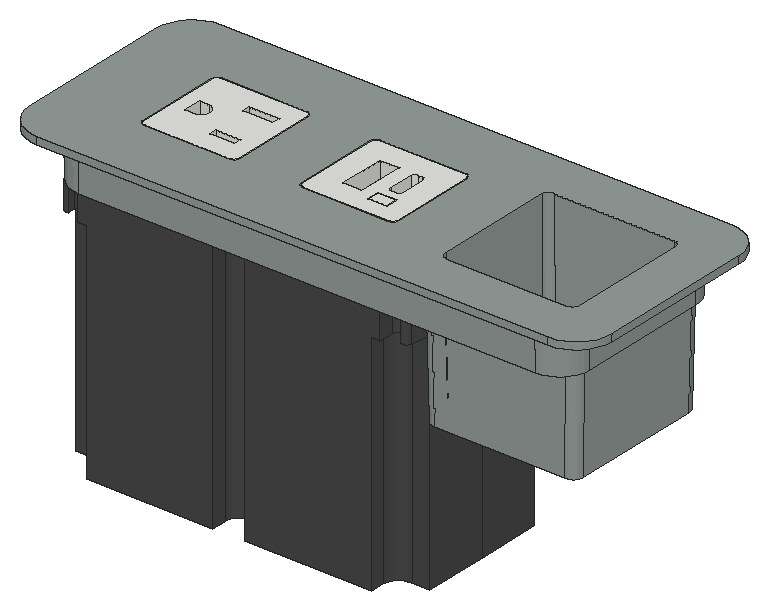
Revit family "Electrical-Teknion-MXPFP_Flush_Power_Module-R2023", category Furniture, Revit 2023
Family settings
  OmniClass Number = 23.40.20.00
  OmniClass Title = General Furniture and Specialties
  Work Plane-Based = No
  Enable Cutting in Views = No
  Always vertical = Yes
  Cut with Voids When Loaded = No
  Render Appearance Source = Family Geometry
  Shared = Yes
  Room Calculation Point = No
Parameters (values of type "Rectangular With Pass Through Faceplate")
  Width [instance] = if([AH - Dual], 4.724", 6.496")  # 6.496"
  Warranty = "http://www.teknion.com/ca/papers/legal-canada"
  Unit Weight URL = "http://www.teknion.com/ca/tools/assets#&asset=bee6a381-b954-425e-8283-5a2de3a804f2,f828d448-4b62-4231-9e5f-9a8991c0ed77"
  URL = "www.teknion.com"
  Triple - 3 - USB (65W) [instance] = [AZ - 2 Power/ 1 USB - A+C (65W)]  # no
  Triple - 3 - USB (18W) [instance] = [BA - 2 Power/ 1 USB -  A+C (18W)]  # no
  Triple - 3 - Power [instance] = [BJ - 3 Power]  # no
  Triple - 2 - USB (65W) [instance] = and([T - Rectangular With Pass Through], [AJ - 1 Power/ 1 USB - A+C (65W)])  # yes
  Triple - 2 - USB (18W) [instance] = and([T - Rectangular With Pass Through], [AM - 1 Power/ 1 USB - A+C (18W)])  # no
  Triple - 2 - Power [instance] = or([AZ - 2 Power/ 1 USB - A+C (65W)], [BA - 2 Power/ 1 USB -  A+C (18W)], [BJ - 3 Power], (and([T - Rectangular With Pass Through], [AS - 2 Power])))  # no
  Triple - 1 - Power [instance] = or([AZ - 2 Power/ 1 USB - A+C (65W)], [BA - 2 Power/ 1 USB -  A+C (18W)], [BJ - 3 Power], (and([T - Rectangular With Pass Through], [AJ - 1 Power/ 1 USB - A+C (65W)])), (and([T - Rectangular With Pass Through], [AM - 1 Power/ 1 USB - A+C (18W)])), (and([T - Rectangular With Pass Through], [AS - 2 Power])))  # yes
  To render please download texture images found here [instance] = "https://assets.teknion.com/web/5e81352c1dfdb467/revit-material-swatches/"
  T - Rectangular With Pass Through = yes
  Sustainability Data = "https://www.teknion.com/ca/tools/assets#&topic=216f99a5-57a0-44fc-b10a-9dee9b29ae4c&asset=444deb64-fe58-4b68-981e-f75e97781df7,b4ff2d81-9f2e-437d-9659-7cffb09c31cf"
  Series = "Expansion Meeting"  # constant formula
  Receptacle Finish [instance] = Plastic - Teknion - 8D - Atrium White
  R - Rectangular = no
  Product Page URL = "http://www.teknion.com/pricing/Expansion-meeting/pdfs/MXPFP_ppg.pdf"
  Product Line = "Electrical/Accesoriesl"  # constant formula
  Product Documentation Link = "http://www.teknion.com/pricing/Expansion-meeting/pdfs/MXPFP_ppg.pdf"
  Part Number = "MXPFP"  # constant formula
  Model = "MXPFP_TAJ__"
  Manufacturer Phone = "416-661-3370"  # constant formula
  Manufacturer Fax = "416.661.4586"  # constant formula
  Manufacturer Contact Information = "http://www.teknion.com/ca/contactus"
  Manufacturer Address = "1150 Flint Road, Toronto, ON. M3J 2J5. Canada"  # constant formula
  Manufacturer = "Teknion"  # constant formula
  MR - T + AJ [instance] = and([T - Rectangular With Pass Through], [AJ - Triple])  # yes
  MR - R + AJ [instance] = and([R - Rectangular], [AJ - Triple])  # no
  MR - R + AH [instance] = and([R - Rectangular], [AH - Dual])  # no
  MR - C + AH [instance] = and([C - Circular], [AH - Dual])  # no
  How To Use Teknion Materials User Guide [instance] = "https://assets.teknion.com/m/205dd0a49fa58060/original/How-to-add-a-Material-Library-and-Texture-Images-to-your-Revit-project.pdf"
  For Additional Finishes please visit [instance] = "https://assets.teknion.com/m/44a8009b046e5d47/original/Teknion_Materials_Library.zip"
  Faceplate Style = ""
  Faceplate Finish [instance] = Paint - Teknion - Accent - Blue Sage
  Faceplate - R + AJ [instance] = and([R - Rectangular], [AJ - Triple])  # no
  Faceplate - R + AH [instance] = and([R - Rectangular], [AH - Dual])  # no
  Electrical Cut Out [instance] = if([C - Circular], "Only dual cut out available for circular faceplate.", if([T - Rectangular With Pass Through], "Only triple cut out available for rectangular with pass through faceplate.", "Select one option for electrical cut out."))  # "Only triple cut out available for rectangular with pass through faceplate."
  Dual - 2 - USB (65W) [instance] = and([AH - Dual], [AJ - 1 Power/ 1 USB - A+C (65W)])  # no
  Dual - 2 - USB (18W) [instance] = and([AH - Dual], [AM - 1 Power/ 1 USB - A+C (18W)])  # no
  Dual - 2 - Power [instance] = and([AH - Dual], [AS - 2 Power])  # no
  Dual - 1 - Power [instance] = and([AH - Dual], (or([AJ - 1 Power/ 1 USB - A+C (65W)], [AM - 1 Power/ 1 USB - A+C (18W)], [AS - 2 Power])))  # no
  Description = "Flush Power Module, Standard Plug-In, Rectangular With Pass Through Faceplate Style, Triple Electrical Cut Out"
  Depth [instance] = if([C - Circular], 4.724", 2.559")  # 2.559"
  Default Elevation = 0.000"
  Configuration [instance] = if([C - Circular], "Select one option only for configuration. Only AJ, AM & AS available for circular faceplate.", if([T - Rectangular With Pass Through], "Select one option only for configuration. Only AJ, AM & AS available for rectangular with pass through faceplate.", "Select one option only for configuration. AJ, AM & AS available for dual electrical cut out. AZ, BA, BJ available for triple electrical cut out."))  # "Select one option only for configuration. Only AJ, AM & AS available for rectangular with pass through faceplate."
  C - Circular = no
  Body 3 - 3R [instance] = and([R - Rectangular], [AJ - Triple])  # no
  Body 2 - T [instance] = and([T - Rectangular With Pass Through], [AJ - Triple])  # yes
  Body 2 - C & 2R [instance] = and((or([C - Circular], [R - Rectangular])), [AH - Dual])  # no
  BJ - 3 Power [instance] = no
  BA - 2 Power/ 1 USB -  A+C (18W) [instance] = no
  Assembly Code = "E2020200"
  AZ - 2 Power/ 1 USB - A+C (65W) [instance] = no
  AS - 2 Power [instance] = no
  AM - 1 Power/ 1 USB - A+C (18W) [instance] = no
  AJ - Triple [instance] = yes
  AJ - 1 Power/ 1 USB - A+C (65W) [instance] = yes
  AH - Dual [instance] = no
  2D - T = [T - Rectangular With Pass Through]  # yes
  2D - R + AJ [instance] = and([R - Rectangular], [AJ - Triple])  # no
  2D - AH [instance] = [AH - Dual]  # no
Reference planes (in)
  plane 1 "Center Front/Back": y = 0
  plane 2: z = 0
  plane 3 "Center Left/Right": x = 0
  plane 4 "Left": x = -2.362
  plane 5 "Right": x = 2.362
  plane 6 "Back": y = 2.362
  plane 7 "Front": y = -2.362
  plane 8 "Top": z = 29.07874
  plane 9: z = 29
  plane 10: z = 25.69291
  plane 11: x = -3.248
  plane 12: x = 3.248
  plane 13: y = 1.2795
  plane 14: y = -1.2795
Forms (in)
  Sweep 1, solid, material "Paint - Teknion - Accent - Blue Sage" <- "Faceplate Finish", visible <- "C - Circular"
    path origin (0, 0, 0) x (1, 0, 0) y (0, 0, 1)
      loop
        line (0, 29.07874) -> (0, 29)
    profile origin (0, 0, 29.03937) x (0, -1, 0) y (1, 0, 0)
      loop
        circle (0, 0) r 2.3622
      loop
        arc (0.47383, -1.42854) -> (0.52254, -1.40836) -> (0.54271, -1.35965) r 0.06889
        line (0.54271, -1.35965) -> (0.54271, -0.412)
        arc (0.54271, -0.412) -> (0.52254, -0.36329) -> (0.47383, -0.34311) r 0.06889
        line (0.47383, -0.34311) -> (-0.47383, -0.34311)
        arc (-0.47383, -0.34311) -> (-0.52254, -0.36329) -> (-0.54271, -0.412) r 0.06889
        line (-0.54271, -0.412) -> (-0.54271, -1.35965)
        arc (-0.54271, -1.35965) -> (-0.52254, -1.40836) -> (-0.47383, -1.42854) r 0.06889
        line (-0.47383, -1.42854) -> (0.47383, -1.42854)
      loop
        line (0.47383, 1.42854) -> (-0.47383, 1.42854)
        arc (-0.47383, 1.42854) -> (-0.52254, 1.40836) -> (-0.54271, 1.35965) r 0.06889
        line (-0.54271, 1.35965) -> (-0.54271, 0.412)
        arc (-0.54271, 0.412) -> (-0.52254, 0.36329) -> (-0.47383, 0.34311) r 0.06889
        line (-0.47383, 0.34311) -> (0.47383, 0.34311)
        arc (0.47383, 0.34311) -> (0.52254, 0.36329) -> (0.54271, 0.412) r 0.06889
        line (0.54271, 0.412) -> (0.54271, 1.35965)
        arc (0.54271, 1.35965) -> (0.52254, 1.40836) -> (0.47383, 1.42854) r 0.06889
  SweptBlend 2, solid, material "Paint - Teknion - Accent - Blue Sage" <- "Faceplate Finish", visible <- "C - Circular"
    path origin (0, 0, 0) x (1, 0, 0) y (0, 0, 1)
      loop
        line (0, 29) -> (0, 28.52756)
    profile origin (0, 0, 29) x (0, -1, 0) y (1, 0, 0)
      loop
        arc (-1.08243, -1.66561) -> (-0.98226, -1.90745) -> (-0.74041, -2.00763) r 0.34202
        line (-0.74041, -2.00763) -> (0.74041, -2.00763)
        arc (0.74041, -2.00763) -> (0.98226, -1.90745) -> (1.08243, -1.66561) r 0.34202
        line (1.08243, -1.66561) -> (1.08243, 1.66561)
        arc (1.08243, 1.66561) -> (0.98226, 1.90745) -> (0.74041, 2.00763) r 0.34202
        line (0.74041, 2.00763) -> (-0.74041, 2.00763)
        arc (-0.74041, 2.00763) -> (-0.98226, 1.90745) -> (-1.08243, 1.66561) r 0.34202
        line (-1.08243, 1.66561) -> (-1.08243, -1.66561)
    end profile origin (0, 0, 28.52756) x (0, -1, 0) y (1, 0, 0)
      loop
        arc (-1.07443, -1.66561) -> (-0.9766, -1.9018) -> (-0.74041, -1.99963) r 0.33402
        line (-0.74041, -1.99963) -> (0.74041, -1.99963)
        arc (0.74041, -1.99963) -> (0.9766, -1.9018) -> (1.07443, -1.66561) r 0.33402
        line (1.07443, -1.66561) -> (1.07443, 1.66561)
        arc (1.07443, 1.66561) -> (0.9766, 1.9018) -> (0.74041, 1.99963) r 0.33402
        line (0.74041, 1.99963) -> (-0.74041, 1.99963)
        arc (-0.74041, 1.99963) -> (-0.9766, 1.9018) -> (-1.07443, 1.66561) r 0.33402
        line (-1.07443, 1.66561) -> (-1.07443, -1.66561)
  SweptBlend 3, void
    path origin (0, 0, 0) x (1, 0, 0) y (0, 0, 1)
      loop
        line (0, 29) -> (0, 28.52756)
    profile origin (0, 0, 29) x (0, -1, 0) y (1, 0, 0)
      loop
        line (-1.00234, -0.1345) -> (-1.00234, -1.67361)
        arc (-1.00234, -1.67361) -> (-0.81111, -1.67127) -> (-0.80172, -1.86228) r 0.1378
        arc (-0.80172, -1.86228) -> (-0.8079, -1.90446) -> (-0.77206, -1.92754) r 0.03936
        line (-0.77206, -1.92754) -> (0.77206, -1.92754)
        arc (0.77206, -1.92754) -> (0.8079, -1.90446) -> (0.80172, -1.86228) r 0.03936
        arc (0.80172, -1.86228) -> (0.81111, -1.67127) -> (1.00234, -1.67361) r 0.1378
        line (1.00234, -1.67361) -> (1.00234, -0.1345)
        arc (1.00234, -0.1345) -> (0.73979, 0) -> (1.00234, 0.1345) r 0.16573
        line (1.00234, 0.1345) -> (1.00234, 1.67361)
        arc (1.00234, 1.67361) -> (0.81111, 1.67127) -> (0.80172, 1.86228) r 0.1378
        arc (0.80172, 1.86228) -> (0.8079, 1.90446) -> (0.77206, 1.92754) r 0.03936
        line (0.77206, 1.92754) -> (-0.77206, 1.92754)
        arc (-0.77206, 1.92754) -> (-0.8079, 1.90446) -> (-0.80172, 1.86228) r 0.03936
        arc (-0.80172, 1.86228) -> (-0.81111, 1.67127) -> (-1.00234, 1.67361) r 0.1378
        line (-1.00234, 1.67361) -> (-1.00234, 0.1345)
        arc (-1.00234, 0.1345) -> (-0.73979, 0) -> (-1.00234, -0.1345) r 0.16573
    end profile origin (0, 0, 28.52756) x (0, -1, 0) y (1, 0, 0)
      loop
        line (-0.9944, -0.14927) -> (-0.9944, -1.65609)
        arc (-0.9944, -1.65609) -> (-0.79927, -1.67181) -> (-0.79569, -1.86755) r 0.1458
        arc (-0.79569, -1.86755) -> (-0.80062, -1.90115) -> (-0.77206, -1.91954) r 0.03136
        line (-0.77206, -1.91954) -> (0.77206, -1.91954)
        arc (0.77206, -1.91954) -> (0.80062, -1.90115) -> (0.79569, -1.86755) r 0.03136
        arc (0.79569, -1.86755) -> (0.79927, -1.67181) -> (0.9944, -1.65609) r 0.1458
        line (0.9944, -1.65609) -> (0.9944, -0.14927)
        arc (0.9944, -0.14927) -> (0.73179, 0) -> (0.9944, 0.14927) r 0.17373
        line (0.9944, 0.14927) -> (0.9944, 1.65609)
        arc (0.9944, 1.65609) -> (0.79927, 1.67181) -> (0.79569, 1.86755) r 0.1458
        arc (0.79569, 1.86755) -> (0.80062, 1.90115) -> (0.77206, 1.91954) r 0.03136
        line (0.77206, 1.91954) -> (-0.77206, 1.91954)
        arc (-0.77206, 1.91954) -> (-0.80062, 1.90115) -> (-0.79569, 1.86755) r 0.03136
        arc (-0.79569, 1.86755) -> (-0.79927, 1.67181) -> (-0.9944, 1.65609) r 0.1458
        line (-0.9944, 1.65609) -> (-0.9944, 0.14927)
        arc (-0.9944, 0.14927) -> (-0.73179, 0) -> (-0.9944, -0.14927) r 0.17373
  SweptBlend 4, solid, material "Paint - Teknion - Accent - Blue Sage" <- "Faceplate Finish", visible <- "Faceplate - R + AH"
    path origin (0, 0, 0) x (1, 0, 0) y (0, 0, 1)
      loop
        line (0, 29) -> (0, 28.52756)
    profile origin (0, 0, 29) x (0, -1, 0) y (1, 0, 0)
      loop
        arc (-1.08243, -1.66561) -> (-0.98226, -1.90745) -> (-0.74041, -2.00763) r 0.34202
        line (-0.74041, -2.00763) -> (0.74041, -2.00763)
        arc (0.74041, -2.00763) -> (0.98226, -1.90745) -> (1.08243, -1.66561) r 0.34202
        line (1.08243, -1.66561) -> (1.08243, 1.66561)
        arc (1.08243, 1.66561) -> (0.98226, 1.90745) -> (0.74041, 2.00763) r 0.34202
        line (0.74041, 2.00763) -> (-0.74041, 2.00763)
        arc (-0.74041, 2.00763) -> (-0.98226, 1.90745) -> (-1.08243, 1.66561) r 0.34202
        line (-1.08243, 1.66561) -> (-1.08243, -1.66561)
    end profile origin (0, 0, 28.52756) x (0, -1, 0) y (1, 0, 0)
      loop
        arc (-1.07443, -1.66561) -> (-0.9766, -1.9018) -> (-0.74041, -1.99963) r 0.33402
        line (-0.74041, -1.99963) -> (0.74041, -1.99963)
        arc (0.74041, -1.99963) -> (0.9766, -1.9018) -> (1.07443, -1.66561) r 0.33402
        line (1.07443, -1.66561) -> (1.07443, 1.66561)
        arc (1.07443, 1.66561) -> (0.9766, 1.9018) -> (0.74041, 1.99963) r 0.33402
        line (0.74041, 1.99963) -> (-0.74041, 1.99963)
        arc (-0.74041, 1.99963) -> (-0.9766, 1.9018) -> (-1.07443, 1.66561) r 0.33402
        line (-1.07443, 1.66561) -> (-1.07443, -1.66561)
  SweptBlend 5, void
    path origin (0, 0, 0) x (1, 0, 0) y (0, 0, 1)
      loop
        line (0, 29) -> (0, 28.52756)
    profile origin (0, 0, 29) x (0, -1, 0) y (1, 0, 0)
      loop
        line (-1.00234, -0.1345) -> (-1.00234, -1.67361)
        arc (-1.00234, -1.67361) -> (-0.81111, -1.67127) -> (-0.80172, -1.86228) r 0.1378
        arc (-0.80172, -1.86228) -> (-0.8079, -1.90446) -> (-0.77206, -1.92754) r 0.03936
        line (-0.77206, -1.92754) -> (0.77206, -1.92754)
        arc (0.77206, -1.92754) -> (0.8079, -1.90446) -> (0.80172, -1.86228) r 0.03936
        arc (0.80172, -1.86228) -> (0.81111, -1.67127) -> (1.00234, -1.67361) r 0.1378
        line (1.00234, -1.67361) -> (1.00234, -0.1345)
        arc (1.00234, -0.1345) -> (0.73979, 0) -> (1.00234, 0.1345) r 0.16573
        line (1.00234, 0.1345) -> (1.00234, 1.67361)
        arc (1.00234, 1.67361) -> (0.81111, 1.67127) -> (0.80172, 1.86228) r 0.1378
        arc (0.80172, 1.86228) -> (0.8079, 1.90446) -> (0.77206, 1.92754) r 0.03936
        line (0.77206, 1.92754) -> (-0.77206, 1.92754)
        arc (-0.77206, 1.92754) -> (-0.8079, 1.90446) -> (-0.80172, 1.86228) r 0.03936
        arc (-0.80172, 1.86228) -> (-0.81111, 1.67127) -> (-1.00234, 1.67361) r 0.1378
        line (-1.00234, 1.67361) -> (-1.00234, 0.1345)
        arc (-1.00234, 0.1345) -> (-0.73979, 0) -> (-1.00234, -0.1345) r 0.16573
    end profile origin (0, 0, 28.52756) x (0, -1, 0) y (1, 0, 0)
      loop
        line (-0.9944, -0.14927) -> (-0.9944, -1.65609)
        arc (-0.9944, -1.65609) -> (-0.79927, -1.67181) -> (-0.79569, -1.86755) r 0.1458
        arc (-0.79569, -1.86755) -> (-0.80062, -1.90115) -> (-0.77206, -1.91954) r 0.03136
        line (-0.77206, -1.91954) -> (0.77206, -1.91954)
        arc (0.77206, -1.91954) -> (0.80062, -1.90115) -> (0.79569, -1.86755) r 0.03136
        arc (0.79569, -1.86755) -> (0.79927, -1.67181) -> (0.9944, -1.65609) r 0.1458
        line (0.9944, -1.65609) -> (0.9944, -0.14927)
        arc (0.9944, -0.14927) -> (0.73179, 0) -> (0.9944, 0.14927) r 0.17373
        line (0.9944, 0.14927) -> (0.9944, 1.65609)
        arc (0.9944, 1.65609) -> (0.79927, 1.67181) -> (0.79569, 1.86755) r 0.1458
        arc (0.79569, 1.86755) -> (0.80062, 1.90115) -> (0.77206, 1.91954) r 0.03136
        line (0.77206, 1.91954) -> (-0.77206, 1.91954)
        arc (-0.77206, 1.91954) -> (-0.80062, 1.90115) -> (-0.79569, 1.86755) r 0.03136
        arc (-0.79569, 1.86755) -> (-0.79927, 1.67181) -> (-0.9944, 1.65609) r 0.1458
        line (-0.9944, 1.65609) -> (-0.9944, 0.14927)
        arc (-0.9944, 0.14927) -> (-0.73179, 0) -> (-0.9944, -0.14927) r 0.17373
  Sweep 6, solid, material "Paint - Teknion - Accent - Blue Sage" <- "Faceplate Finish", visible <- "Faceplate - R + AH"
    path origin (0, 0, 0) x (1, 0, 0) y (0, 0, 1)
      loop
        line (0, 29.07874) -> (0, 29)
    profile origin (0, 0, 29.03937) x (0, -1, 0) y (1, 0, 0)
      loop
        line (-1.27953, 1.96719) -> (-1.27953, -1.96719)
        arc (-1.27953, -1.96719) -> (-1.16423, -2.24554) -> (-0.88589, -2.36083) r 0.39364
        line (-0.88589, -2.36083) -> (0.88589, -2.36083)
        arc (0.88589, -2.36083) -> (1.16423, -2.24554) -> (1.27953, -1.96719) r 0.39364
        line (1.27953, -1.96719) -> (1.27953, 1.96719)
        arc (1.27953, 1.96719) -> (1.16423, 2.24554) -> (0.88589, 2.36083) r 0.39364
        line (0.88589, 2.36083) -> (-0.88589, 2.36083)
        arc (-0.88589, 2.36083) -> (-1.16423, 2.24554) -> (-1.27953, 1.96719) r 0.39364
      loop
        arc (-0.54271, -1.35965) -> (-0.52254, -1.40836) -> (-0.47383, -1.42854) r 0.06889
        line (-0.47383, -1.42854) -> (0.47383, -1.42854)
        arc (0.47383, -1.42854) -> (0.52254, -1.40836) -> (0.54271, -1.35965) r 0.06889
        line (0.54271, -1.35965) -> (0.54271, -0.412)
        arc (0.54271, -0.412) -> (0.52254, -0.36329) -> (0.47383, -0.34311) r 0.06889
        line (0.47383, -0.34311) -> (-0.47383, -0.34311)
        arc (-0.47383, -0.34311) -> (-0.52254, -0.36329) -> (-0.54271, -0.412) r 0.06889
        line (-0.54271, -0.412) -> (-0.54271, -1.35965)
      loop
        arc (-0.54271, 0.412) -> (-0.52254, 0.36329) -> (-0.47383, 0.34311) r 0.06889
        line (-0.47383, 0.34311) -> (0.47383, 0.34311)
        arc (0.47383, 0.34311) -> (0.52254, 0.36329) -> (0.54271, 0.412) r 0.06889
        line (0.54271, 0.412) -> (0.54271, 1.35965)
        arc (0.54271, 1.35965) -> (0.52254, 1.40836) -> (0.47383, 1.42854) r 0.06889
        line (0.47383, 1.42854) -> (-0.47383, 1.42854)
        arc (-0.47383, 1.42854) -> (-0.52254, 1.40836) -> (-0.54271, 1.35965) r 0.06889
        line (-0.54271, 1.35965) -> (-0.54271, 0.412)
  SweptBlend 7, solid, material "Paint - Teknion - Accent - Blue Sage" <- "Faceplate Finish", visible <- "Faceplate - R + AJ"
    path origin (-0.00003, 0, 0) x (1, 0, 0) y (0, 0, 1)
      loop
        line (0.00003, 29) -> (0.00003, 28.52756)
    profile origin (0, 0, 29) x (0, -1, 0) y (1, 0, 0)
      loop
        arc (0.74041, -2.89342) -> (0.98226, -2.79325) -> (1.08243, -2.5514) r 0.34202
        line (1.08243, -2.5514) -> (1.08243, 2.55147)
        arc (1.08243, 2.55147) -> (0.98226, 2.79331) -> (0.74041, 2.89349) r 0.34202
        line (0.74041, 2.89349) -> (-0.74041, 2.89349)
        arc (-0.74041, 2.89349) -> (-0.98226, 2.79331) -> (-1.08243, 2.55147) r 0.34202
        line (-1.08243, 2.55147) -> (-1.08243, -2.5514)
        arc (-1.08243, -2.5514) -> (-0.98226, -2.79325) -> (-0.74041, -2.89342) r 0.34202
        line (-0.74041, -2.89342) -> (0.74041, -2.89342)
    end profile origin (0, 0, 28.52756) x (0, -1, 0) y (1, 0, 0)
      loop
        arc (-1.07443, -2.5514) -> (-0.9766, -2.78759) -> (-0.74041, -2.88542) r 0.33402
        line (-0.74041, -2.88542) -> (0.74041, -2.88542)
        arc (0.74041, -2.88542) -> (0.9766, -2.78759) -> (1.07443, -2.5514) r 0.33402
        line (1.07443, -2.5514) -> (1.07443, 2.55147)
        arc (1.07443, 2.55147) -> (0.9766, 2.78765) -> (0.74041, 2.88549) r 0.33402
        line (0.74041, 2.88549) -> (-0.74041, 2.88549)
        arc (-0.74041, 2.88549) -> (-0.9766, 2.78765) -> (-1.07443, 2.55147) r 0.33402
        line (-1.07443, 2.55147) -> (-1.07443, -2.5514)
  SweptBlend 8, void
    path origin (0.00045, 0, 0) x (1, 0, 0) y (0, 0, 1)
      loop
        line (-0.886, 29) -> (-0.886, 28.52756)
    profile origin (-0.88555, 0, 29) x (0, -1, 0) y (1, 0, 0)
      loop
        line (-1.00234, -0.1345) -> (-1.00234, -1.67361)
        arc (-1.00234, -1.67361) -> (-0.81111, -1.67127) -> (-0.80172, -1.86228) r 0.1378
        arc (-0.80172, -1.86228) -> (-0.8079, -1.90446) -> (-0.77206, -1.92754) r 0.03936
        line (-0.77206, -1.92754) -> (0.77206, -1.92754)
        arc (0.77206, -1.92754) -> (0.8079, -1.90446) -> (0.80172, -1.86228) r 0.03936
        arc (0.80172, -1.86228) -> (0.81111, -1.67127) -> (1.00234, -1.67361) r 0.1378
        line (1.00234, -1.67361) -> (1.00234, -0.1345)
        arc (1.00234, -0.1345) -> (0.73979, 0) -> (1.00234, 0.1345) r 0.16573
        line (1.00234, 0.1345) -> (1.00234, 1.6366)
        arc (1.00234, 1.6366) -> (0.73979, 1.7711) -> (1.00234, 1.90559) r 0.16573
        line (1.00234, 1.90559) -> (1.00234, 3.44471)
        arc (1.00234, 3.44471) -> (0.81111, 3.44237) -> (0.80172, 3.63338) r 0.1378
        arc (0.80172, 3.63338) -> (0.8079, 3.67556) -> (0.77206, 3.69864) r 0.03936
        line (0.77206, 3.69864) -> (-0.77206, 3.69864)
        arc (-0.77206, 3.69864) -> (-0.8079, 3.67556) -> (-0.80172, 3.63338) r 0.03936
        arc (-0.80172, 3.63338) -> (-0.81111, 3.44237) -> (-1.00234, 3.44471) r 0.1378
        line (-1.00234, 3.44471) -> (-1.00234, 1.90559)
        arc (-1.00234, 1.90559) -> (-0.73979, 1.7711) -> (-1.00234, 1.6366) r 0.16573
        line (-1.00234, 1.6366) -> (-1.00234, 0.1345)
        arc (-1.00234, 0.1345) -> (-0.73979, 0) -> (-1.00234, -0.1345) r 0.16573
    end profile origin (-0.88555, 0, 28.52756) x (0, -1, 0) y (1, 0, 0)
      loop
        line (-0.9944, -0.14927) -> (-0.9944, -1.65609)
        arc (-0.9944, -1.65609) -> (-0.79927, -1.67181) -> (-0.79569, -1.86755) r 0.1458
        arc (-0.79569, -1.86755) -> (-0.80062, -1.90115) -> (-0.77206, -1.91954) r 0.03136
        line (-0.77206, -1.91954) -> (0.77206, -1.91954)
        arc (0.77206, -1.91954) -> (0.80062, -1.90115) -> (0.79569, -1.86755) r 0.03136
        arc (0.79569, -1.86755) -> (0.79927, -1.67181) -> (0.9944, -1.65609) r 0.1458
        line (0.9944, -1.65609) -> (0.9944, -0.14927)
        arc (0.9944, -0.14927) -> (0.73179, 0) -> (0.9944, 0.14927) r 0.17373
        line (0.9944, 0.14927) -> (0.9944, 1.62183)
        arc (0.9944, 1.62183) -> (0.73179, 1.7711) -> (0.9944, 1.92036) r 0.17373
        line (0.9944, 1.92036) -> (0.9944, 3.42718)
        arc (0.9944, 3.42718) -> (0.79927, 3.44291) -> (0.79569, 3.63864) r 0.1458
        arc (0.79569, 3.63864) -> (0.80062, 3.67225) -> (0.77206, 3.69064) r 0.03136
        line (0.77206, 3.69064) -> (-0.77206, 3.69064)
        arc (-0.77206, 3.69064) -> (-0.80062, 3.67225) -> (-0.79569, 3.63864) r 0.03136
        arc (-0.79569, 3.63864) -> (-0.79927, 3.44291) -> (-0.9944, 3.42718) r 0.1458
        line (-0.9944, 3.42718) -> (-0.9944, 1.92036)
        arc (-0.9944, 1.92036) -> (-0.73179, 1.7711) -> (-0.9944, 1.62183) r 0.17373
        line (-0.9944, 1.62183) -> (-0.9944, 0.14927)
        arc (-0.9944, 0.14927) -> (-0.73179, 0) -> (-0.9944, -0.14927) r 0.17373
  Sweep 9, solid, material "Paint - Teknion - Accent - Blue Sage" <- "Faceplate Finish", visible <- "Faceplate - R + AJ"
    path origin (0, 0, 0) x (1, 0, 0) y (0, 0, 1)
      loop
        line (0, 29.07874) -> (0, 29)
    profile origin (0, 0, 29.03937) x (0, -1, 0) y (1, 0, 0)
      loop
        arc (0.88589, -3.248) -> (1.16423, -3.13271) -> (1.27953, -2.85436) r 0.39364
        line (1.27953, -2.85436) -> (1.27953, 2.85436)
        arc (1.27953, 2.85436) -> (1.16423, 3.13271) -> (0.88589, 3.248) r 0.39364
        line (0.88589, 3.248) -> (-0.88589, 3.248)
        arc (-0.88589, 3.248) -> (-1.16423, 3.13271) -> (-1.27953, 2.85436) r 0.39364
        line (-1.27953, 2.85436) -> (-1.27953, -2.85436)
        arc (-1.27953, -2.85436) -> (-1.16423, -3.13271) -> (-0.88589, -3.248) r 0.39364
        line (-0.88589, -3.248) -> (0.88589, -3.248)
      loop
        arc (0.47383, -2.31434) -> (0.52254, -2.29416) -> (0.54271, -2.24545) r 0.06889
        line (0.54271, -2.24545) -> (0.54271, -1.2978)
        arc (0.54271, -1.2978) -> (0.52254, -1.24909) -> (0.47383, -1.22891) r 0.06889
        line (0.47383, -1.22891) -> (-0.47383, -1.22891)
        arc (-0.47383, -1.22891) -> (-0.52254, -1.24909) -> (-0.54271, -1.2978) r 0.06889
        line (-0.54271, -1.2978) -> (-0.54271, -2.24545)
        arc (-0.54271, -2.24545) -> (-0.52254, -2.29416) -> (-0.47383, -2.31434) r 0.06889
        line (-0.47383, -2.31434) -> (0.47383, -2.31434)
      loop
        line (0.47383, 2.31434) -> (-0.47383, 2.31434)
        arc (-0.47383, 2.31434) -> (-0.52254, 2.29416) -> (-0.54271, 2.24545) r 0.06889
        line (-0.54271, 2.24545) -> (-0.54271, 1.2978)
        arc (-0.54271, 1.2978) -> (-0.52254, 1.24909) -> (-0.47383, 1.22891) r 0.06889
        line (-0.47383, 1.22891) -> (0.47383, 1.22891)
        arc (0.47383, 1.22891) -> (0.52254, 1.24909) -> (0.54271, 1.2978) r 0.06889
        line (0.54271, 1.2978) -> (0.54271, 2.24545)
        arc (0.54271, 2.24545) -> (0.52254, 2.29416) -> (0.47383, 2.31434) r 0.06889
      loop
        line (0.47383, 0.54271) -> (-0.47383, 0.54271)
        arc (-0.47383, 0.54271) -> (-0.52254, 0.52254) -> (-0.54271, 0.47383) r 0.06889
        line (-0.54271, 0.47383) -> (-0.54271, -0.47383)
        arc (-0.54271, -0.47383) -> (-0.52254, -0.52254) -> (-0.47383, -0.54271) r 0.06889
        line (-0.47383, -0.54271) -> (0.47383, -0.54271)
        arc (0.47383, -0.54271) -> (0.52254, -0.52254) -> (0.54271, -0.47383) r 0.06889
        line (0.54271, -0.47383) -> (0.54271, 0.47383)
        arc (0.54271, 0.47383) -> (0.52254, 0.52254) -> (0.47383, 0.54271) r 0.06889
  SweptBlend 10, solid, material "Paint - Teknion - Accent - Blue Sage" <- "Faceplate Finish", visible <- "T - Rectangular With Pass Through"
    path origin (0, 0, 0) x (1, 0, 0) y (0, 0, 1)
      loop
        line (0, 29) -> (0, 28.52756)
    profile origin (0, 0, 29) x (0, -1, 0) y (1, 0, 0)
      loop
        arc (0.74041, -2.89342) -> (0.98226, -2.79325) -> (1.08243, -2.5514) r 0.34202
        line (1.08243, -2.5514) -> (1.08243, 2.55147)
        arc (1.08243, 2.55147) -> (0.98226, 2.79331) -> (0.74041, 2.89349) r 0.34202
        line (0.74041, 2.89349) -> (-0.74041, 2.89349)
        arc (-0.74041, 2.89349) -> (-0.98226, 2.79331) -> (-1.08243, 2.55147) r 0.34202
        line (-1.08243, 2.55147) -> (-1.08243, -2.5514)
        arc (-1.08243, -2.5514) -> (-0.98226, -2.79325) -> (-0.74041, -2.89342) r 0.34202
        line (-0.74041, -2.89342) -> (0.74041, -2.89342)
    end profile origin (0, 0, 28.52756) x (0, -1, 0) y (1, 0, 0)
      loop
        arc (-1.07443, -2.5514) -> (-0.9766, -2.78759) -> (-0.74041, -2.88542) r 0.33402
        line (-0.74041, -2.88542) -> (0.74041, -2.88542)
        arc (0.74041, -2.88542) -> (0.9766, -2.78759) -> (1.07443, -2.5514) r 0.33402
        line (1.07443, -2.5514) -> (1.07443, 2.55147)
        arc (1.07443, 2.55147) -> (0.9766, 2.78765) -> (0.74041, 2.88549) r 0.33402
        line (0.74041, 2.88549) -> (-0.74041, 2.88549)
        arc (-0.74041, 2.88549) -> (-0.9766, 2.78765) -> (-1.07443, 2.55147) r 0.33402
        line (-1.07443, 2.55147) -> (-1.07443, -2.5514)
  Sweep 11, solid, material "Paint - Teknion - Accent - Blue Sage" <- "Faceplate Finish", visible <- "T - Rectangular With Pass Through"
    path origin (0, 0, 0) x (1, 0, 0) y (0, 0, 1)
      loop
        line (0, 29.07874) -> (0, 29)
    profile origin (0, 0, 29.03937) x (0, -1, 0) y (1, 0, 0)
      loop
        line (-1.27953, 2.85436) -> (-1.27953, -2.85436)
        arc (-1.27953, -2.85436) -> (-1.16423, -3.13271) -> (-0.88589, -3.248) r 0.39364
        line (-0.88589, -3.248) -> (0.88589, -3.248)
        arc (0.88589, -3.248) -> (1.16423, -3.13271) -> (1.27953, -2.85436) r 0.39364
        line (1.27953, -2.85436) -> (1.27953, 2.85436)
        arc (1.27953, 2.85436) -> (1.16423, 3.13271) -> (0.88589, 3.248) r 0.39364
        line (0.88589, 3.248) -> (-0.88589, 3.248)
        arc (-0.88589, 3.248) -> (-1.16423, 3.13271) -> (-1.27953, 2.85436) r 0.39364
      loop
        arc (0.47383, -2.31434) -> (0.52254, -2.29416) -> (0.54271, -2.24545) r 0.06889
        line (0.54271, -2.24545) -> (0.54271, -1.2978)
        arc (0.54271, -1.2978) -> (0.52254, -1.24909) -> (0.47383, -1.22891) r 0.06889
        line (0.47383, -1.22891) -> (-0.47383, -1.22891)
        arc (-0.47383, -1.22891) -> (-0.52254, -1.24909) -> (-0.54271, -1.2978) r 0.06889
        line (-0.54271, -1.2978) -> (-0.54271, -2.24545)
        arc (-0.54271, -2.24545) -> (-0.52254, -2.29416) -> (-0.47383, -2.31434) r 0.06889
        line (-0.47383, -2.31434) -> (0.47383, -2.31434)
      loop
        arc (0.47383, -0.54271) -> (0.52254, -0.52254) -> (0.54271, -0.47383) r 0.06889
        line (0.54271, -0.47383) -> (0.54271, 0.47383)
        arc (0.54271, 0.47383) -> (0.52254, 0.52254) -> (0.47383, 0.54271) r 0.06889
        line (0.47383, 0.54271) -> (-0.47383, 0.54271)
        arc (-0.47383, 0.54271) -> (-0.52254, 0.52254) -> (-0.54271, 0.47383) r 0.06889
        line (-0.54271, 0.47383) -> (-0.54271, -0.47383)
        arc (-0.54271, -0.47383) -> (-0.52254, -0.52254) -> (-0.47383, -0.54271) r 0.06889
        line (-0.47383, -0.54271) -> (0.47383, -0.54271)
  SweptBlend 12, solid, material "Paint - Teknion - Accent - Blue Sage" <- "Faceplate Finish", visible <- "T - Rectangular With Pass Through"
    path origin (0, 0, 0) x (1, 0, 0) y (0, 0, 1)
      loop
        line (1.9685, 28.52756) -> (1.9685, 27.4252)
    profile origin (1.9685, 0, 28.52756) x (0, -1, 0) y (1, 0, 0)
      loop
        arc (0.8657, 0.74761) -> (0.83111, 0.83111) -> (0.74761, 0.8657) r 0.11809
        line (0.74761, 0.8657) -> (-0.74761, 0.8657)
        arc (-0.74761, 0.8657) -> (-0.83111, 0.83111) -> (-0.8657, 0.74761) r 0.11809
        line (-0.8657, 0.74761) -> (-0.8657, -0.74761)
        arc (-0.8657, -0.74761) -> (-0.83111, -0.83111) -> (-0.74761, -0.8657) r 0.11809
        line (-0.74761, -0.8657) -> (0.74761, -0.8657)
        arc (0.74761, -0.8657) -> (0.83111, -0.83111) -> (0.8657, -0.74761) r 0.11809
        line (0.8657, -0.74761) -> (0.8657, 0.74761)
    end profile origin (1.9685, 0, 27.4252) x (0, -1, 0) y (1, 0, 0)
      loop
        line (-0.84646, 0.72836) -> (-0.84646, -0.72836)
        arc (-0.84646, -0.72836) -> (-0.81187, -0.81187) -> (-0.72836, -0.84646) r 0.11809
        line (-0.72836, -0.84646) -> (0.72836, -0.84646)
        arc (0.72836, -0.84646) -> (0.81187, -0.81187) -> (0.84646, -0.72836) r 0.11809
        line (0.84646, -0.72836) -> (0.84646, 0.72836)
        arc (0.84646, 0.72836) -> (0.81187, 0.81187) -> (0.72836, 0.84646) r 0.11809
        line (0.72836, 0.84646) -> (-0.72836, 0.84646)
        arc (-0.72836, 0.84646) -> (-0.81187, 0.81187) -> (-0.84646, 0.72836) r 0.11809
  SweptBlend 13, void
    path origin (0, 0, 0) x (1, 0, 0) y (0, 0, 1)
      loop
        line (1.9685, 29.07874) -> (1.9685, 27.66142)
    profile origin (1.9685, 0, 29.07874) x (0, -1, 0) y (1, 0, 0)
      loop
        arc (0.67068, -0.74941) -> (0.72635, -0.72635) -> (0.74941, -0.67068) r 0.07873
        line (0.74941, -0.67068) -> (0.74941, 0.67068)
        arc (0.74941, 0.67068) -> (0.72635, 0.72635) -> (0.67068, 0.74941) r 0.07873
        line (0.67068, 0.74941) -> (-0.67068, 0.74941)
        arc (-0.67068, 0.74941) -> (-0.72635, 0.72635) -> (-0.74941, 0.67068) r 0.07873
        line (-0.74941, 0.67068) -> (-0.74941, -0.67068)
        arc (-0.74941, -0.67068) -> (-0.72635, -0.72635) -> (-0.67068, -0.74941) r 0.07873
        line (-0.67068, -0.74941) -> (0.67068, -0.74941)
    end profile origin (1.9685, 0, 27.66142) x (0, -1, 0) y (1, 0, 0)
      loop
        line (-0.64594, -0.72467) -> (0.64594, -0.72467)
        arc (0.64594, -0.72467) -> (0.70161, -0.70161) -> (0.72467, -0.64594) r 0.07873
        line (0.72467, -0.64594) -> (0.72467, 0.64594)
        arc (0.72467, 0.64594) -> (0.70161, 0.70161) -> (0.64594, 0.72467) r 0.07873
        line (0.64594, 0.72467) -> (-0.64594, 0.72467)
        arc (-0.64594, 0.72467) -> (-0.70161, 0.70161) -> (-0.72467, 0.64594) r 0.07873
        line (-0.72467, 0.64594) -> (-0.72467, -0.64594)
        arc (-0.72467, -0.64594) -> (-0.70161, -0.70161) -> (-0.64594, -0.72467) r 0.07873
  SweptBlend 14, void
    path origin (0, 0, 0) x (1, 0, 0) y (0, 0, 1)
      loop
        line (1.9685, 27.66142) -> (1.9685, 27.4252)
    profile origin (1.9685, 0, 27.66142) x (0, -1, 0) y (1, 0, 0)
      loop
        line (0.64593, -0.42371) -> (0.64593, 0.42371)
        arc (0.64593, 0.42371) -> (0.46625, 0.46625) -> (0.42371, 0.64593) r 0.17579
        line (0.42371, 0.64593) -> (-0.42371, 0.64593)
        arc (-0.42371, 0.64593) -> (-0.46625, 0.46625) -> (-0.64593, 0.42371) r 0.17579
        line (-0.64593, 0.42371) -> (-0.64593, -0.42371)
        arc (-0.64593, -0.42371) -> (-0.46625, -0.46625) -> (-0.42371, -0.64593) r 0.17579
        line (-0.42371, -0.64593) -> (0.42371, -0.64593)
        arc (0.42371, -0.64593) -> (0.46625, -0.46625) -> (0.64593, -0.42371) r 0.17579
    end profile origin (1.9685, 0, 27.4252) x (0, -1, 0) y (1, 0, 0)
      loop
        line (0.72054, -0.47426) -> (0.72054, 0.47426)
        arc (0.72054, 0.47426) -> (0.46722, 0.46722) -> (0.47426, 0.72054) r 0.17442
        line (0.47426, 0.72054) -> (-0.47426, 0.72054)
        arc (-0.47426, 0.72054) -> (-0.46722, 0.46722) -> (-0.72054, 0.47426) r 0.17442
        line (-0.72054, 0.47426) -> (-0.72054, -0.47426)
        arc (-0.72054, -0.47426) -> (-0.46722, -0.46722) -> (-0.47426, -0.72054) r 0.17442
        line (-0.47426, -0.72054) -> (0.47426, -0.72054)
        arc (0.47426, -0.72054) -> (0.46722, -0.46722) -> (0.72054, -0.47426) r 0.17442
  SweptBlend 15, void
    path origin (-0.88555, 0, 0) x (1, 0, 0) y (0, 0, 1)
      loop
        line (0, 29) -> (0, 28.52756)
    profile origin (-0.88555, 0, 29) x (0, -1, 0) y (1, 0, 0)
      loop
        line (-1.00234, -0.1345) -> (-1.00234, -1.67361)
        arc (-1.00234, -1.67361) -> (-0.81111, -1.67127) -> (-0.80172, -1.86228) r 0.1378
        arc (-0.80172, -1.86228) -> (-0.8079, -1.90446) -> (-0.77206, -1.92754) r 0.03936
        line (-0.77206, -1.92754) -> (0.77206, -1.92754)
        arc (0.77206, -1.92754) -> (0.8079, -1.90446) -> (0.80172, -1.86228) r 0.03936
        arc (0.80172, -1.86228) -> (0.81111, -1.67127) -> (1.00234, -1.67361) r 0.1378
        line (1.00234, -1.67361) -> (1.00234, -0.1345)
        arc (1.00234, -0.1345) -> (0.73979, 0) -> (1.00234, 0.1345) r 0.16573
        line (1.00234, 0.1345) -> (1.00234, 1.67309)
        arc (1.00234, 1.67309) -> (0.81111, 1.67075) -> (0.80172, 1.86176) r 0.1378
        arc (0.80172, 1.86176) -> (0.8079, 1.90393) -> (0.77206, 1.92701) r 0.03936
        line (0.77206, 1.92701) -> (-0.77206, 1.92701)
        arc (-0.77206, 1.92701) -> (-0.8079, 1.90393) -> (-0.80172, 1.86176) r 0.03936
        arc (-0.80172, 1.86176) -> (-0.81111, 1.67075) -> (-1.00234, 1.67309) r 0.1378
        line (-1.00234, 1.67309) -> (-1.00234, 0.1345)
        arc (-1.00234, 0.1345) -> (-0.73979, 0) -> (-1.00234, -0.1345) r 0.16573
    end profile origin (-0.88555, 0, 28.52756) x (0, -1, 0) y (1, 0, 0)
      loop
        line (-0.9944, -0.14927) -> (-0.9944, -1.65609)
        arc (-0.9944, -1.65609) -> (-0.79927, -1.67181) -> (-0.79569, -1.86755) r 0.1458
        arc (-0.79569, -1.86755) -> (-0.80062, -1.90115) -> (-0.77206, -1.91954) r 0.03136
        line (-0.77206, -1.91954) -> (0.77206, -1.91954)
        arc (0.77206, -1.91954) -> (0.80062, -1.90115) -> (0.79569, -1.86755) r 0.03136
        arc (0.79569, -1.86755) -> (0.79927, -1.67181) -> (0.9944, -1.65609) r 0.1458
        line (0.9944, -1.65609) -> (0.9944, -0.14927)
        arc (0.9944, -0.14927) -> (0.73179, 0) -> (0.9944, 0.14927) r 0.17373
        line (0.9944, 0.14927) -> (0.9944, 1.65556)
        arc (0.9944, 1.65556) -> (0.79927, 1.67129) -> (0.79569, 1.86702) r 0.1458
        arc (0.79569, 1.86702) -> (0.80062, 1.90062) -> (0.77206, 1.91901) r 0.03136
        line (0.77206, 1.91901) -> (-0.77206, 1.91901)
        arc (-0.77206, 1.91901) -> (-0.80062, 1.90062) -> (-0.79569, 1.86702) r 0.03136
        arc (-0.79569, 1.86702) -> (-0.79927, 1.67129) -> (-0.9944, 1.65556) r 0.1458
        line (-0.9944, 1.65556) -> (-0.9944, 0.14927)
        arc (-0.9944, 0.14927) -> (-0.73179, 0) -> (-0.9944, -0.14927) r 0.17373
  Sweep 16, void
    path origin (0, 0, 0) x (1, 0, 0) y (0, 0, 1)
      loop
        line (1.98819, 27.83858) -> (1.98819, 27.44832)
    profile origin (1.98819, 0, 27.64345) x (0, -1, 0) y (1, 0, 0)
      loop
        arc (0.64593, 0.40403) -> (0.46625, 0.44656) -> (0.42371, 0.62624) r 0.17579
        line (0.42371, 0.62624) -> (-0.42371, 0.62624)
        arc (-0.42371, 0.62624) -> (-0.46625, 0.44656) -> (-0.64593, 0.40403) r 0.17579
        line (-0.64593, 0.40403) -> (-0.64593, -0.4434)
        arc (-0.64593, -0.4434) -> (-0.46625, -0.48593) -> (-0.42371, -0.66561) r 0.17579
        line (-0.42371, -0.66561) -> (0.42371, -0.66561)
        arc (0.42371, -0.66561) -> (0.46625, -0.48593) -> (0.64593, -0.4434) r 0.17579
        line (0.64593, -0.4434) -> (0.64593, 0.40403)
  Sweep 17, void
    path origin (0, 0, 0) x (1, 0, 0) y (0, 0, 1)
      loop
        line (1.97548, 27.97405) -> (1.97548, 27.72405)
    profile origin (1.97548, 0, 27.84905) x (0, -1, 0) y (1, 0, 0)
      loop
        line (0.11812, -0.13901) -> (0.32053, -0.34143)
        arc (0.32053, -0.34143) -> (0.45238, -0.45935) -> (0.33445, -0.32751) r 0.08858
        line (0.33445, -0.32751) -> (0.12919, -0.1229)
        arc (0.12919, -0.1229) -> (0.17458, -0.00628) -> (0.13246, 0.11157) r 0.17896
        line (0.13246, 0.11157) -> (0.33445, 0.31356)
        arc (0.33445, 0.31356) -> (0.45238, 0.44541) -> (0.32053, 0.32748) r 0.08858
        line (0.32053, 0.32748) -> (0.12291, 0.12203)
        arc (0.12291, 0.12203) -> (0.00325, 0.16969) -> (-0.11728, 0.12426) r 0.1782
        line (-0.11728, 0.12426) -> (-0.32053, 0.32748)
        arc (-0.32053, 0.32748) -> (-0.45238, 0.44541) -> (-0.33445, 0.31356) r 0.08858
        line (-0.33445, 0.31356) -> (-0.13204, 0.11115)
        arc (-0.13204, 0.11115) -> (-0.17717, -0.00697) -> (-0.13204, -0.12509) r 0.17717
        line (-0.13204, -0.12509) -> (-0.33445, -0.32751)
        arc (-0.33445, -0.32751) -> (-0.45238, -0.45935) -> (-0.32053, -0.34143) r 0.08858
        line (-0.32053, -0.34143) -> (-0.11812, -0.13901)
        arc (-0.11812, -0.13901) -> (0, -0.18414) -> (0.11812, -0.13901) r 0.17717
  SweptBlend 18, solid, material "Plastic - Teknion - E - Ebony", visible <- "T - Rectangular With Pass Through"
    path origin (0, 0, 0) x (1, 0, 0) y (0, 0, 1)
      loop
        line (0, 27.89764) -> (0, 27.66142)
    profile origin (0, 0, 27.89764) x (0, -1, 0) y (1, 0, 0)
      loop
        line (-0.64972, 1.23972) -> (0.64972, 1.23972)
        arc (0.64972, 1.23972) -> (0.70563, 1.26288) -> (0.72879, 1.31879) r 0.07907
        line (0.72879, 1.31879) -> (0.72879, 2.61822)
        arc (0.72879, 2.61822) -> (0.70563, 2.67413) -> (0.64972, 2.69729) r 0.07907
        line (0.64972, 2.69729) -> (-0.64972, 2.69729)
        arc (-0.64972, 2.69729) -> (-0.70563, 2.67413) -> (-0.72879, 2.61822) r 0.07907
        line (-0.72879, 2.61822) -> (-0.72879, 1.31879)
        arc (-0.72879, 1.31879) -> (-0.70563, 1.26288) -> (-0.64972, 1.23972) r 0.07907
    end profile origin (0, 0, 27.66142) x (0, -1, 0) y (1, 0, 0)
      loop
        arc (-0.72467, 1.32257) -> (-0.70161, 1.2669) -> (-0.64594, 1.24384) r 0.07873
        line (-0.64594, 1.24384) -> (0.64594, 1.24384)
        arc (0.64594, 1.24384) -> (0.70161, 1.2669) -> (0.72467, 1.32257) r 0.07873
        line (0.72467, 1.32257) -> (0.72467, 2.61444)
        arc (0.72467, 2.61444) -> (0.70161, 2.67011) -> (0.64594, 2.69317) r 0.07873
        line (0.64594, 2.69317) -> (-0.64594, 2.69317)
        arc (-0.64594, 2.69317) -> (-0.70161, 2.67011) -> (-0.72467, 2.61444) r 0.07873
        line (-0.72467, 2.61444) -> (-0.72467, 1.32257)
Cuts and joins
  SweptBlend 3 cuts SweptBlend 2
  joined: Sweep 1, SweptBlend 2
  SweptBlend 5 cuts SweptBlend 4
  joined: SweptBlend 4, Sweep 6
  SweptBlend 8 cuts SweptBlend 7
  joined: SweptBlend 7, Sweep 9
  SweptBlend 13, SweptBlend 15 cuts SweptBlend 10
  SweptBlend 13 cuts Sweep 11
  SweptBlend 13, SweptBlend 14 cuts SweptBlend 12
  joined: SweptBlend 10, Sweep 11, SweptBlend 12
  Sweep 16, Sweep 17 cuts SweptBlend 18
Lines and regions (in)
  Masking region 1, visible <- "MR - C + AH"
    outline origin (0, 0, 0) x (1, 0, 0) y (0, 1, 0)
      loop
        circle (0, 0) r 2.3622
  Masking region 2, visible <- "MR - T + AJ"
    outline origin (0, 0, 0) x (1, 0, 0) y (0, 1, 0)
      loop
        line (2.09973, 0.11728) -> (2.30296, 0.32053)
        spline (2.30296, 0.32053) -> (2.34335, 0.30242) -> (2.38746, 0.30612) -> (2.42427, 0.33069) -> (2.4446, 0.37001) -> (2.44337, 0.41425) -> (2.42089, 0.45238) -> (2.38276, 0.47487) -> (2.33851, 0.4761) -> (2.29919, 0.45577) -> (2.27462, 0.41895) -> (2.27093, 0.37484) -> (2.28904, 0.33445)
        line (2.28904, 0.33445) -> (2.08663, 0.13204)
        arc (2.08663, 0.13204) -> (1.9685, 0.17717) -> (1.85038, 0.13204) r 0.17717
        line (1.85038, 0.13204) -> (1.64797, 0.33445)
        spline (1.64797, 0.33445) -> (1.66608, 0.37484) -> (1.66239, 0.41895) -> (1.63782, 0.45577) -> (1.5985, 0.4761) -> (1.55425, 0.47487) -> (1.51612, 0.45238) -> (1.49364, 0.41425) -> (1.4924, 0.37001) -> (1.51273, 0.33069) -> (1.54955, 0.30612) -> (1.59366, 0.30242) -> (1.63405, 0.32053)
        line (1.63405, 0.32053) -> (1.83646, 0.11812)
        arc (1.83646, 0.11812) -> (1.79134, 0) -> (1.83646, -0.11812) r 0.17717
        line (1.83646, -0.11812) -> (1.63405, -0.32053)
        spline (1.63405, -0.32053) -> (1.59366, -0.30242) -> (1.54955, -0.30612) -> (1.51273, -0.33069) -> (1.4924, -0.37001) -> (1.49364, -0.41425) -> (1.51612, -0.45238) -> (1.55425, -0.47487) -> (1.5985, -0.4761) -> (1.63782, -0.45577) -> (1.66239, -0.41895) -> (1.66608, -0.37484) -> (1.64797, -0.33445)
        line (1.64797, -0.33445) -> (1.85258, -0.12919)
        arc (1.85258, -0.12919) -> (1.9692, -0.17458) -> (2.08704, -0.13246) r 0.17896
        line (2.08704, -0.13246) -> (2.28904, -0.33445)
        spline (2.28904, -0.33445) -> (2.27093, -0.37484) -> (2.27462, -0.41895) -> (2.29919, -0.45577) -> (2.33851, -0.4761) -> (2.38276, -0.47487) -> (2.42089, -0.45238) -> (2.44337, -0.41425) -> (2.4446, -0.37001) -> (2.42427, -0.33069) -> (2.38746, -0.30612) -> (2.34335, -0.30242) -> (2.30296, -0.32053)
        line (2.30296, -0.32053) -> (2.0975, -0.12291)
        arc (2.0975, -0.12291) -> (2.14517, -0.00325) -> (2.09973, 0.11728) r 0.1782
      loop
        line (2.85436, 1.27953) -> (-2.85436, 1.27953)
        arc (-2.85436, 1.27953) -> (-3.13271, 1.16423) -> (-3.248, 0.88589) r 0.39364
        line (-3.248, 0.88589) -> (-3.248, -0.88589)
        arc (-3.248, -0.88589) -> (-3.13271, -1.16423) -> (-2.85436, -1.27953) r 0.39364
        line (-2.85436, -1.27953) -> (2.85436, -1.27953)
        arc (2.85436, -1.27953) -> (3.13271, -1.16423) -> (3.248, -0.88589) r 0.39364
        line (3.248, -0.88589) -> (3.248, 0.88589)
        arc (3.248, 0.88589) -> (3.13271, 1.16423) -> (2.85436, 1.27953) r 0.39364
  Masking region 3, visible <- "MR - R + AJ"
    outline origin (0, 0, 0) x (1, 0, 0) y (0, 1, 0)
      loop
        line (2.85436, 1.27953) -> (-2.85436, 1.27953)
        arc (-2.85436, 1.27953) -> (-3.13271, 1.16423) -> (-3.248, 0.88589) r 0.39364
        line (-3.248, 0.88589) -> (-3.248, -0.88589)
        arc (-3.248, -0.88589) -> (-3.13271, -1.16423) -> (-2.85436, -1.27953) r 0.39364
        line (-2.85436, -1.27953) -> (2.85436, -1.27953)
        arc (2.85436, -1.27953) -> (3.13271, -1.16423) -> (3.248, -0.88589) r 0.39364
        line (3.248, -0.88589) -> (3.248, 0.88589)
        arc (3.248, 0.88589) -> (3.13271, 1.16423) -> (2.85436, 1.27953) r 0.39364
  Masking region 4, visible <- "MR - R + AH"
    outline origin (0, 0, 0) x (1, 0, 0) y (0, 1, 0)
      loop
        line (1.96719, 1.27953) -> (-1.96719, 1.27953)
        arc (-1.96719, 1.27953) -> (-2.24554, 1.16423) -> (-2.36083, 0.88589) r 0.39364
        line (-2.36083, 0.88589) -> (-2.36083, -0.88589)
        arc (-2.36083, -0.88589) -> (-2.24554, -1.16423) -> (-1.96719, -1.27953) r 0.39364
        line (-1.96719, -1.27953) -> (1.96719, -1.27953)
        arc (1.96719, -1.27953) -> (2.24554, -1.16423) -> (2.36083, -0.88589) r 0.39364
        line (2.36083, -0.88589) -> (2.36083, 0.88589)
        arc (2.36083, 0.88589) -> (2.24554, 1.16423) -> (1.96719, 1.27953) r 0.39364
  symbolic lines, visible <- "2D - AH"
    curve 1: line (-0.34311, 0.47383, 0) -> (-0.34311, -0.47383, 0)
    curve 2: arc (-0.34311, -0.47383, 0) -> (-0.36329, -0.52254, 0) -> (-0.412, -0.54271, 0) r 0.06889
    curve 3: line (-0.412, -0.54271, 0) -> (-1.35965, -0.54271, 0)
    curve 4: arc (-1.35965, -0.54271, 0) -> (-1.40836, -0.52254, 0) -> (-1.42854, -0.47383, 0) r 0.06889
    curve 5: line (-1.42854, -0.47383, 0) -> (-1.42854, 0.47383, 0)
    curve 6: arc (-1.42854, 0.47383, 0) -> (-1.40836, 0.52254, 0) -> (-1.35965, 0.54271, 0) r 0.06889
    curve 7: line (-1.35965, 0.54271, 0) -> (-0.412, 0.54271, 0)
    curve 8: arc (-0.412, 0.54271, 0) -> (-0.36329, 0.52254, 0) -> (-0.34311, 0.47383, 0) r 0.06889
    curve 9: line (0.412, 0.54271, 0) -> (1.35965, 0.54271, 0)
    curve 10: arc (1.35965, 0.54271, 0) -> (1.40836, 0.52254, 0) -> (1.42854, 0.47383, 0) r 0.06889
    curve 11: line (1.42854, 0.47383, 0) -> (1.42854, -0.47383, 0)
    curve 12: arc (1.42854, -0.47383, 0) -> (1.40836, -0.52254, 0) -> (1.35965, -0.54271, 0) r 0.06889
    curve 13: line (1.35965, -0.54271, 0) -> (0.412, -0.54271, 0)
    curve 14: arc (0.412, -0.54271, 0) -> (0.36329, -0.52254, 0) -> (0.34311, -0.47383, 0) r 0.06889
    curve 15: line (0.34311, -0.47383, 0) -> (0.34311, 0.47383, 0)
    curve 16: arc (0.34311, 0.47383, 0) -> (0.36329, 0.52254, 0) -> (0.412, 0.54271, 0) r 0.06889
  symbolic lines, style "FurnitureHiddenLines", visible <- "2D - AH", detail levels medium+fine
    curve 17: line (1.66561, 1.08243, 0) -> (-1.66561, 1.08243, 0)
    curve 18: arc (-1.66561, 1.08243, 0) -> (-1.90745, 0.98226, 0) -> (-2.00763, 0.74041, 0) r 0.34202
    curve 19: line (-2.00763, 0.74041, 0) -> (-2.00763, -0.74041, 0)
    curve 20: arc (-2.00763, -0.74041, 0) -> (-1.90745, -0.98226, 0) -> (-1.66561, -1.08243, 0) r 0.34202
    curve 21: line (-1.66561, -1.08243, 0) -> (1.66561, -1.08243, 0)
    curve 22: arc (1.66561, -1.08243, 0) -> (1.90745, -0.98226, 0) -> (2.00763, -0.74041, 0) r 0.34202
    curve 23: line (2.00763, -0.74041, 0) -> (2.00763, 0.74041, 0)
    curve 24: arc (2.00763, 0.74041, 0) -> (1.90745, 0.98226, 0) -> (1.66561, 1.08243, 0) r 0.34202
    curve 25: arc (-1.65609, 0.9944, 0) -> (-1.67181, 0.79927, 0) -> (-1.86755, 0.79569, 0) r 0.1458
    curve 26: arc (-1.86755, 0.79569, 0) -> (-1.90115, 0.80062, 0) -> (-1.91954, 0.77206, 0) r 0.03136
    curve 27: line (-1.91954, 0.77206, 0) -> (-1.91954, -0.77206, 0)
    curve 28: arc (-1.91954, -0.77206, 0) -> (-1.90115, -0.80062, 0) -> (-1.86755, -0.79569, 0) r 0.03136
    curve 29: arc (-1.86755, -0.79569, 0) -> (-1.67181, -0.79927, 0) -> (-1.65609, -0.9944, 0) r 0.1458
    curve 30: line (-1.65609, -0.9944, 0) -> (-0.14927, -0.9944, 0)
    curve 31: arc (-0.14927, -0.9944, 0) -> (0, -0.73179, 0) -> (0.14927, -0.9944, 0) r 0.17373
    curve 32: line (0.14927, -0.9944, 0) -> (1.65609, -0.9944, 0)
    curve 33: arc (1.65609, -0.9944, 0) -> (1.67181, -0.79927, 0) -> (1.86755, -0.79569, 0) r 0.1458
    curve 34: arc (1.86755, -0.79569, 0) -> (1.90115, -0.80062, 0) -> (1.91954, -0.77206, 0) r 0.03136
    curve 35: line (1.91954, -0.77206, 0) -> (1.91954, 0.77206, 0)
    curve 36: arc (1.91954, 0.77206, 0) -> (1.90115, 0.80062, 0) -> (1.86755, 0.79569, 0) r 0.03136
    curve 37: arc (1.86755, 0.79569, 0) -> (1.67181, 0.79927, 0) -> (1.65609, 0.9944, 0) r 0.1458
    curve 38: line (1.65609, 0.9944, 0) -> (0.14927, 0.9944, 0)
    curve 39: arc (0.14927, 0.9944, 0) -> (0, 0.73179, 0) -> (-0.14927, 0.9944, 0) r 0.17373
    curve 40: line (-0.14927, 0.9944, 0) -> (-1.65609, 0.9944, 0)
  symbolic lines, visible <- "2D - R + AJ"
    curve 41: line (-2.24545, 0.54271, 0) -> (-1.2978, 0.54271, 0)
    curve 42: arc (-1.2978, 0.54271, 0) -> (-1.24909, 0.52254, 0) -> (-1.22891, 0.47383, 0) r 0.06889
    curve 43: line (-1.22891, 0.47383, 0) -> (-1.22891, -0.47383, 0)
    curve 44: arc (-1.22891, -0.47383, 0) -> (-1.24909, -0.52254, 0) -> (-1.2978, -0.54271, 0) r 0.06889
    curve 45: line (-1.2978, -0.54271, 0) -> (-2.24545, -0.54271, 0)
    curve 46: arc (-2.24545, -0.54271, 0) -> (-2.29416, -0.52254, 0) -> (-2.31434, -0.47383, 0) r 0.06889
    curve 47: line (-2.31434, -0.47383, 0) -> (-2.31434, 0.47383, 0)
    curve 48: arc (-2.31434, 0.47383, 0) -> (-2.29416, 0.52254, 0) -> (-2.24545, 0.54271, 0) r 0.06889
    curve 49: line (-0.47383, 0.54271, 0) -> (0.47383, 0.54271, 0)
    curve 50: arc (0.47383, 0.54271, 0) -> (0.52254, 0.52254, 0) -> (0.54271, 0.47383, 0) r 0.06889
    curve 51: line (0.54271, 0.47383, 0) -> (0.54271, -0.47383, 0)
    curve 52: arc (0.54271, -0.47383, 0) -> (0.52254, -0.52254, 0) -> (0.47383, -0.54271, 0) r 0.06889
    curve 53: line (0.47383, -0.54271, 0) -> (-0.47383, -0.54271, 0)
    curve 54: arc (-0.47383, -0.54271, 0) -> (-0.52254, -0.52254, 0) -> (-0.54271, -0.47383, 0) r 0.06889
    curve 55: line (-0.54271, -0.47383, 0) -> (-0.54271, 0.47383, 0)
    curve 56: arc (-0.54271, 0.47383, 0) -> (-0.52254, 0.52254, 0) -> (-0.47383, 0.54271, 0) r 0.06889
    curve 57: line (1.2978, 0.54271, 0) -> (2.24545, 0.54271, 0)
    curve 58: arc (2.24545, 0.54271, 0) -> (2.29416, 0.52254, 0) -> (2.31434, 0.47383, 0) r 0.06889
    curve 59: line (2.31434, 0.47383, 0) -> (2.31434, -0.47383, 0)
    curve 60: arc (2.31434, -0.47383, 0) -> (2.29416, -0.52254, 0) -> (2.24545, -0.54271, 0) r 0.06889
    curve 61: line (2.24545, -0.54271, 0) -> (1.2978, -0.54271, 0)
    curve 62: arc (1.2978, -0.54271, 0) -> (1.24909, -0.52254, 0) -> (1.22891, -0.47383, 0) r 0.06889
    curve 63: line (1.22891, -0.47383, 0) -> (1.22891, 0.47383, 0)
    curve 64: arc (1.22891, 0.47383, 0) -> (1.24909, 0.52254, 0) -> (1.2978, 0.54271, 0) r 0.06889
  symbolic lines, style "FurnitureHiddenLines", visible <- "2D - R + AJ", detail levels medium+fine
    curve 65: line (2.55147, 1.08243, 0) -> (-2.5514, 1.08243, 0)
    curve 66: arc (-2.5514, 1.08243, 0) -> (-2.79325, 0.98226, 0) -> (-2.89342, 0.74041, 0) r 0.34202
    curve 67: line (-2.89342, 0.74041, 0) -> (-2.89342, -0.74041, 0)
    curve 68: arc (-2.89342, -0.74041, 0) -> (-2.79325, -0.98226, 0) -> (-2.5514, -1.08243, 0) r 0.34202
    curve 69: line (-2.5514, -1.08243, 0) -> (2.55147, -1.08243, 0)
    curve 70: arc (2.55147, -1.08243, 0) -> (2.79331, -0.98226, 0) -> (2.89349, -0.74041, 0) r 0.34202
    curve 71: line (2.89349, -0.74041, 0) -> (2.89349, 0.74041, 0)
    curve 72: arc (2.89349, 0.74041, 0) -> (2.79331, 0.98226, 0) -> (2.55147, 1.08243, 0) r 0.34202
    curve 73: line (-1.03481, 0.9944, 0) -> (-2.54164, 0.9944, 0)
    curve 74: arc (-2.54164, 0.9944, 0) -> (-2.55736, 0.79927, 0) -> (-2.75309, 0.79569, 0) r 0.1458
    curve 75: arc (-2.75309, 0.79569, 0) -> (-2.7867, 0.80062, 0) -> (-2.80509, 0.77206, 0) r 0.03136
    curve 76: line (-2.80509, 0.77206, 0) -> (-2.80509, -0.77206, 0)
    curve 77: arc (-2.80509, -0.77206, 0) -> (-2.7867, -0.80062, 0) -> (-2.75309, -0.79569, 0) r 0.03136
    curve 78: arc (-2.75309, -0.79569, 0) -> (-2.55736, -0.79927, 0) -> (-2.54164, -0.9944, 0) r 0.1458
    curve 79: line (-2.54164, -0.9944, 0) -> (-1.03481, -0.9944, 0)
    curve 80: arc (-1.03481, -0.9944, 0) -> (-0.88555, -0.73179, 0) -> (-0.73628, -0.9944, 0) r 0.17373
    curve 81: line (-0.73628, -0.9944, 0) -> (0.73628, -0.9944, 0)
    curve 82: arc (0.73628, -0.9944, 0) -> (0.88555, -0.73179, 0) -> (1.03481, -0.9944, 0) r 0.17373
    curve 83: line (1.03481, -0.9944, 0) -> (2.54164, -0.9944, 0)
    curve 84: arc (2.54164, -0.9944, 0) -> (2.55736, -0.79927, 0) -> (2.75309, -0.79569, 0) r 0.1458
    curve 85: arc (2.75309, -0.79569, 0) -> (2.7867, -0.80062, 0) -> (2.80509, -0.77206, 0) r 0.03136
    curve 86: line (2.80509, -0.77206, 0) -> (2.80509, 0.77206, 0)
    curve 87: arc (2.80509, 0.77206, 0) -> (2.7867, 0.80062, 0) -> (2.75309, 0.79569, 0) r 0.03136
    curve 88: arc (2.75309, 0.79569, 0) -> (2.55736, 0.79927, 0) -> (2.54164, 0.9944, 0) r 0.1458
    curve 89: line (2.54164, 0.9944, 0) -> (1.03481, 0.9944, 0)
    curve 90: arc (1.03481, 0.9944, 0) -> (0.88555, 0.73179, 0) -> (0.73628, 0.9944, 0) r 0.17373
    curve 91: line (0.73628, 0.9944, 0) -> (-0.73628, 0.9944, 0)
    curve 92: arc (-0.73628, 0.9944, 0) -> (-0.88555, 0.73179, 0) -> (-1.03481, 0.9944, 0) r 0.17373
  symbolic lines, style "FurnitureHiddenLines", visible <- "2D - T", detail levels medium+fine
    curve 93: line (2.55147, 1.08243, 0) -> (-2.5514, 1.08243, 0)
    curve 94: arc (-2.5514, 1.08243, 0) -> (-2.79325, 0.98226, 0) -> (-2.89342, 0.74041, 0) r 0.34202
    curve 95: line (-2.89342, 0.74041, 0) -> (-2.89342, -0.74041, 0)
    curve 96: arc (-2.89342, -0.74041, 0) -> (-2.79325, -0.98226, 0) -> (-2.5514, -1.08243, 0) r 0.34202
    curve 97: line (-2.5514, -1.08243, 0) -> (2.55147, -1.08243, 0)
    curve 98: arc (2.55147, -1.08243, 0) -> (2.79331, -0.98226, 0) -> (2.89349, -0.74041, 0) r 0.34202
    curve 99: line (2.89349, -0.74041, 0) -> (2.89349, 0.74041, 0)
